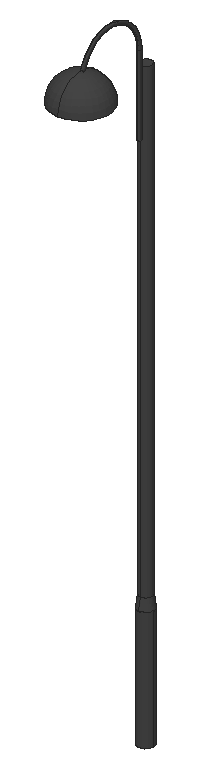
Revit family
Parameters
  Wattage = 9.2903 W
  built-in parameter 1150110 = 1 (stored number, unit not read)
  built-in parameter 1114217 = 1 (stored number, unit not read)
  built-in parameter 1150109 = 1 (stored number, unit not read)
  built-in parameter 1150134 = 3
  built-in parameter 1150113 = 1 (stored number, unit not read)
  Material Post = Paint - Black Matte
  Main Radius = Base Radius - 25 mm  # 75 mm
  built-in parameter 1150105 = 109.82 (stored number, unit not read)
  Lumens = 1380 lm
  built-in parameter 1150115 = 1 (stored number, unit not read)
  Light shade radius = 350 mm
  Light Source Symbol Size = 609.6 mm
  Light Overhang = 1000 mm
  built-in parameter 1150137 = (empty or 0)
  built-in parameter 1150139 = (empty or 0)
  built-in parameter 1150112 = 1 (stored number, unit not read)
  built-in parameter 1150114 = 1 (stored number, unit not read)
  Keynote = "V"
  built-in parameter 1150132 = 2
  built-in parameter 1150102 = (empty or 0)
  built-in parameter 1150107 = 3200 (stored number, unit not read)
  built-in parameter 1150138 = (empty or 0)
  built-in parameter 1150106 = 1.0982 (stored number, unit not read)
  Height = 7500 mm
  built-in parameter 1150104 = 13.8 (stored number, unit not read)
  Dimming Lamp Color Temperature Shift = (empty or 0)
  Color Filter = 16777215
  Base Radius = 100 mm
  Base Height = 1500 mm
  built-in parameter 1114218 = 1 (stored number, unit not read)
  built-in parameter 1150133 = 10 (stored number, unit not read)
Reference planes
  plane 1 "Light Source Axis (F/B)": y = 0
  plane 2: z = 0
  plane 3 "Light Source Axis (L/R)": x = 0
  plane 4 "Light Source Elevation": z = 7500
  plane 5: z = 1500
  plane 6: z = 1650
  plane 7: y = -1000
  plane 8: z = 6700
  plane 9: z = 7950
  plane 10: y = -100
  plane 11: y = -550
  plane 12: z = 7700
  plane 13: z = 8100
  plane 14: y = -650
Forms (mm)
  Extrusion 1, solid, material "Paint - Black Matte" <- "Material Post"
    sketch origin (0, 0, 0) x (1, 0, 0) y (0, 1, 0)
      loop
        circle (0, 0) r 100
    from 0 to 1500
  Extrusion 2, solid, material "Paint - Black Matte" <- "Material Post"
    sketch origin (0, 0, 1650) x (0, -1, 0) y (-1, 0, 0)
      loop
        circle (0, 0) r 75
    from 0 to -5850
  Blend 3, solid, material "Paint - Black Matte" <- "Material Post"
    base sketch origin (0, 0, 1500) x (0, -1, 0) y (1, 0, 0)
      loop
        circle (0, 0) r 100
    top sketch origin (0, 0, 1500) x (0, -1, 0) y (1, 0, 0)
      loop
        circle (0, 0) r 75
    from 0 to 150
  Sweep 4, solid, material "Paint - Black Matte" <- "Material Post"
    path origin (0, 0, 0) x (0, 1, 0) y (0, 0, 1)
      loop
        line (-100, 6700) -> (-100, 7700)
        arc (-100, 7700) -> (-550, 8150) -> (-1000, 7700) r 450
    profile origin (0, 0, 7200) x (0, -1, 0) y (1, 0, 0)
      loop
        circle (100, 0) r 20
  Revolve 5, solid, material "Paint - Black Matte" <- "Material Post"
    sketch origin (0, 0, 0) x (0, 1, 0) y (0, 0, 1)
      loop
        arc (-650, 7500) -> (-752.513, 7747.487) -> (-1000, 7850) r 350
        line (-1000, 7850) -> (-1000, 7840)
        arc (-1000, 7840) -> (-759.584, 7740.416) -> (-660, 7500) r 340
        line (-660, 7500) -> (-650, 7500)
      axis (-1000, 7850) -> (-1000, 7500)
    angle from 0 to 360
Dimensions and locks
  "Base Height": plane 5 to plane 2
  "Height": plane 4 "Light Source Elevation" to plane 2
  plane 6 to plane 5 = 150 mm
  locked: plane 8 to plane 4 "Light Source Elevation" at 800
  plane 7 to plane 1 "Light Source Axis (F/B)" = 1000 mm
  "Light Overhang": plane 1 "Light Source Axis (F/B)" to plane 7
  equal spacing: plane 10, plane 11, plane 7
  locked: plane 1 "Light Source Axis (F/B)" to plane 10 at 100
  "Light shade radius": plane 14 to plane 7
  plane 5 to plane 6 = 150 mm
  locked: Sweep 4 sketch curve to plane 7 at 0
  plane 4 "Light Source Elevation" to Sweep 4 sketch curve = 650 mm
  "Base Radius": radius of Extrusion 1 sketch curve
  "Main Radius": radius of Extrusion 2 sketch curve
  aligned and locked: Extrusion 2 to plane 6
  aligned and locked: Extrusion 2 to plane 4 "Light Source Elevation"
  aligned and locked: Blend 3 to plane 6
  aligned and locked: Blend 3 sketch curve to Extrusion 1
  aligned and locked: Blend 3 sketch curve to Extrusion 2
  aligned and locked: Extrusion 1 to plane 5
  aligned and locked: plane 3 "Light Source Axis (L/R)" to imposter light
  aligned and locked: imposter light to plane 1 "Light Source Axis (F/B)"
  aligned and locked: plane 4 "Light Source Elevation" to imposter light
Automatic sketch dimensions
  Extrusion 1 sketch curve to plane 1 "Light Source Axis (F/B)" = 0 mm
  Extrusion 1 sketch curve to plane 3 "Light Source Axis (L/R)" = 0 mm
  Extrusion 2 sketch curve to plane 1 "Light Source Axis (F/B)" = 0 mm
  Extrusion 2 sketch curve to plane 3 "Light Source Axis (L/R)" = 0 mm
  Sweep 4 sketch curve to plane 3 "Light Source Axis (L/R)" = 0 mm
  Sweep 4 sketch curve to profile plane = 0 mm
  Revolve 5 sketch curve to plane 4 "Light Source Elevation" = 0 mm
  Revolve 5 sketch curve to plane 7 = 0 mm  (x2)
  Revolve 5 sketch curve to plane 14 = 0 mm
  Revolve 5 sketch curve to plane 14 = 10 mm
  Revolve 5 sketch curve to level = 508 mm
  Revolve 5 sketch curve to plane 13 = 653 mm
  Sweep 4 sketch curve to plane 11 = 0 mm
  Sweep 4 sketch curve to plane 8 = 0 mm
  radius of Sweep 4 sketch curve = 20 mm
